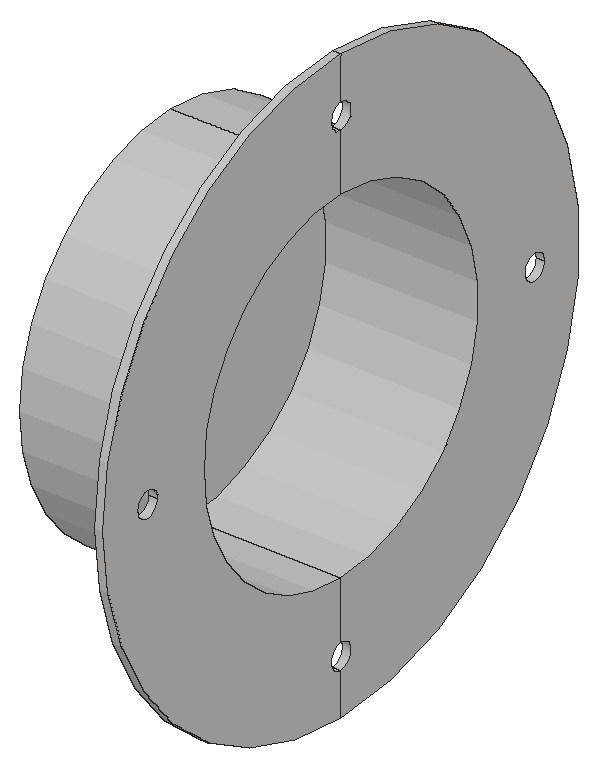
Revit family "Roof_DSpout-Cover_1775", category Plumbing Fixtures, Revit 2012
Parameters (values of type "1775-04")
  Weight (lb) = 4.6
  Warranty = "1 year material and workmanship"  # constant formula
  URL = "http://www.jrsmith.com"
  Technical and Installation = "http://www.jrsmith.com/products/roof/tech_data_index.htm"
  Product URL = "http://www.jrsmith.com/products/roof/submittal/d1770.pdf"
  Pipe Radius = A Dia / 2  # 2"
  OmniClass Title = "Roof Drains"  # constant formula
  OmniClass Code = "22-22 14 26 13"  # constant formula
  Model = "1775"  # constant formula
  Material Finish = Stainless Steel
  Material = Stainless Steel
  Manufacturer = "Jay R. Smith Mfg. Co. "  # constant formula
  Description = "Stainless Steel Housing and Cover"  # constant formula
  Default Elevation = 48"
  D Dia = 8 3/4"
  Cylinder Thickness = 1/4"
  C Dia = 5 9/16"
  E Dia = 7 1/8"
  B Dia = 4 9/16"
  Assembly Code = "D2040200"
  A Dia = 4"
  95 CSI = "15165"  # constant formula
  04 CSI = "22 14 35"  # constant formula
Types (10): name | Weight (lb) | Product URL | Pipe Radius | D Dia | Cylinder Thickness | C Dia | E Dia | B Dia | A Dia
  1775-02 | 3.6 | "http://www.jrsmith.com/products/roof/submittal/d1775.pdf" | 1" | 7 11/16" | 1/8" | 4 1/2" | 6" | 3 1/2" | 2"
  1775-03 | 3.6 | "http://www.jrsmith.com/products/roof/submittal/d1770.pdf" | 1 1/2" | 7 11/16" | 1/4" | 4 1/2" | 6" | 3 1/2" | 3"
  1775-06 | 4.95 | "http://www.jrsmith.com/products/roof/submittal/d1770.pdf" | 3" | 10 7/8" | 1/8" | 7 11/16" | 9" | 6 11/16" | 6"
  1775-08 | 6.4 | "http://www.jrsmith.com/products/roof/submittal/d1770.pdf" | 4" | 12 7/8" | 1/8" | 9 11/16" | 11 1/4" | 8 11/16" | 8"
  1775-10 | 8.85 | "http://www.jrsmith.com/products/roof/submittal/d1770.pdf" | 5" | 15" | 1/8" | 11 13/16" | 13 1/2" | 10 13/16" | 10"
  1775-05 | 4.2 | "http://www.jrsmith.com/products/roof/submittal/d1770.pdf" | 2 1/2" | 9 13/16" | 1/8" | 6 5/8" | 8 1/4" | 5 5/8" | 5"
  1775-12 | 10.56 | "http://www.jrsmith.com/products/roof/submittal/d1770.pdf" | 6" | 17" | 1/8" | 13 13/16" | 15 1/2" | 12 13/16" | 12"
  1775-0150 | 3.6 | "http://www.jrsmith.com/products/roof/submittal/d1770.pdf" | 3/4" | 7 11/16" | 1/4" | 4 1/2" | 6" | 3 1/2" | 1 1/2"
  1775-04 | 4.6 | "http://www.jrsmith.com/products/roof/submittal/d1770.pdf" | 2" | 8 3/4" | 1/4" | 5 9/16" | 7 1/8" | 4 9/16" | 4"
  1775-15 | 13.55 | "http://www.jrsmith.com/products/roof/submittal/d1770.pdf" | 7 1/2" | 20 1/8" | 1/8" | 16 15/16" | 18 1/2" | 16" | 15"
Reference planes (in)
  plane 1 "Center (Front/Back)": y = 0.35762
  plane 2: z = 0
  plane 3 "Center (Left/Right)": x = 0
  plane 4: z = 5.5625
  plane 5: z = 2.78125
  plane 6: z = 5.3125
  plane 7: z = 0.25
  plane 8: x = -2.5
  plane 9: z = 7.15625
  plane 10: z = -1.59375
  plane 11: x = -0.125
  plane 12: x = -2.25
  plane 13: z = 6.34375
  plane 14: z = -0.78125
  plane 15: y = -3.20488
  plane 16: y = 3.92012
Forms (in)
  Revolve 1, solid, material "Stainless Steel" <- "Material", detail levels fine
    sketch origin (0, 0.35762, 0) x (1, 0, 0) y (0, 0, 1)
      loop
        line (0, 5.3125) -> (0, 7.15625) -> (-0.125, 7.15625) -> (-0.125, 5.5625) -> (-2.5, 5.5625) -> (-2.5, 2.78125) -> (-2.25, 2.78125) -> (-2.25, 5.3125) -> (0, 5.3125)
      axis (-2.5, 2.78125) -> (0, 2.78125)
    angle from 0 to 360
  Extrusion 2, void
    sketch origin (-0.125, -180.83054, 18.53225) x (0, 0, -1) y (0, -1, 0)
      loop
        circle (12.1885, -181.18817) r 0.1875
    from -1.67342 to 1.03567
  Extrusion 3, void
    sketch origin (-0.125, -17.83399, -174.78234) x (0, 1, 0) y (0, 0, -1)
      loop
        circle (14.62911, -177.56359) r 0.1875
    from -1.67342 to 1.03567
  Extrusion 4, void
    sketch origin (-0.125, 13.17321, 179.51429) x (0, -1, 0) y (0, 0, 1)
      loop
        circle (9.25309, -176.73304) r 0.1875
    from -1.67342 to 1.03567
  Extrusion 5, void
    sketch origin (-0.125, -180, 17.30382) x (0, 0, -1) y (0, -1, 0)
      loop
        circle (18.08507, -180.35762) r 0.1875
    from 0.83054 to -0.96621
Cuts and joins
  Extrusion 2, Extrusion 3, Extrusion 4, Extrusion 5 cuts Revolve 1
Dimensions and locks (in)
  "C Dia": plane 4 to level
  equal spacing: plane 4, plane 5, level
  locked: plane 3 "Center (Left/Right)" to plane 8 at 2.5
  equal spacing: plane 9, plane 5, plane 10
  "D Dia": plane 9 to plane 10
  "Cylinder Thickness": plane 4 to plane 6
  equal spacing: plane 6, plane 5, plane 7
  locked: plane 3 "Center (Left/Right)" to plane 11 at 0.125
  locked: plane 12 to plane 8 at 0.25
  equal spacing: plane 15, plane 1 "Center (Front/Back)", plane 16
  "E Dia": plane 15 to plane 16
  equal spacing: plane 13, plane 5, plane 14
  "E Dia": plane 13 to plane 14
  radius of Extrusion 2 sketch curve = 3/16"
  radius of Extrusion 3 sketch curve = 3/16"
  radius of Extrusion 4 sketch curve = 3/16"
  radius of Extrusion 5 sketch curve = 3/16"
  aligned and locked: plane 9 to Revolve 1 sketch curve
  aligned and locked: plane 3 "Center (Left/Right)" to Revolve 1 sketch curve
  aligned and locked: Revolve 1 sketch curve to plane 11
  aligned and locked: Revolve 1 sketch curve to plane 6
  aligned and locked: plane 12 to Revolve 1 sketch curve
  aligned and locked: plane 1 "Center (Front/Back)" to Extrusion 2 sketch curve
  aligned and locked: plane 13 to Extrusion 2 sketch curve
  aligned and locked: plane 15 to Extrusion 3 sketch curve
  aligned and locked: plane 5 to Extrusion 3 sketch curve
  aligned and locked: plane 5 to Extrusion 4 sketch curve
  aligned and locked: plane 16 to Extrusion 4 sketch curve
  aligned and locked: plane 1 "Center (Front/Back)" to Extrusion 5 sketch curve
  aligned and locked: plane 14 to Extrusion 5 sketch curve
Automatic sketch dimensions
  Revolve 1 sketch curve to plane 5 = 0"  (x2)
  Revolve 1 sketch curve to plane 8 = 0"
  Revolve 1 sketch curve to Revolve 1 sketch curve = 63.82006"
  plane 3 "Center (Left/Right)" to Revolve 1 sketch curve = 40.14157"
  Revolve 1 sketch curve to plane 4 = 0"
Connectors (in)
  piping at (0, 0.35762, 2.78125), driven by "Pipe Radius"
    settings: on cut or joined group of Revolve 1, Extrusion 2, Extrusion 3, Extrusion 4, Extrusion 5, index 1, connector radius 2", flow factor 0, pipe flow 0 GPM, pressure drop 0.00 psi, fitting loss kfactor 0, connector angle 0.00°, fixture units 0, engagement length 0", flow configuration 0, flow direction 0, fitting loss method 0, system type 7, joint type 0, gender type 0, connector reference index -1, connector utility 0, adjustable connector no, is connector primary yes, fitting loss table "", connector description ""
